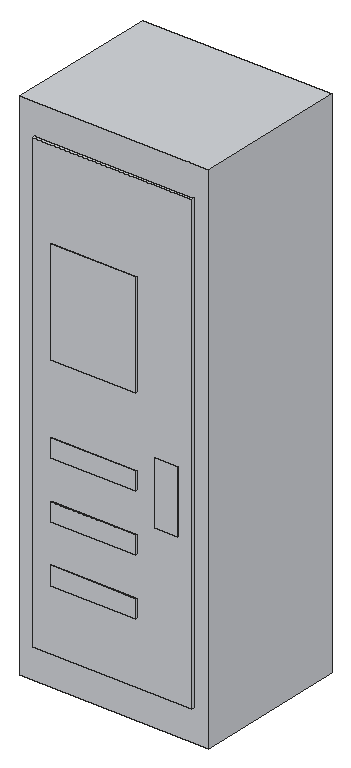
Revit family "GIS_ProtectionPanel", category Equipamento elétrico, Revit 2027
Family settings
  Configuração do painel = Duas colunas, circuitos transversais
  Cota do conector redondo = Utilizar diâmetro
  Tipo de parte = Painel de controle
  Com base no plano de trabalho = Não
  Sempre na vertical = Sim
  Corte com vazios quando carregada = Não
  Manter orientação da anotação = Não
  Compartilhado = Não
  Ponto de cálculo do ambiente = Não
Parameters (values of type "PROTECTION_PANEL_125VDC_STUDY")
  Default Elevation = 0 mm
  built-in parameter 1140142 [instance] = (empty or 0)
  built-in parameter 1140140 [instance] = 1 (stored number, unit not read)
  BIM_TensaoSecundaria_kV = 0
  BIM_TensaoNominal_kV = 0.125
  BIM_TensaoClasse_kV = 0.125
  BIM_TensaoClasseSecundaria_kV = 0
  BIM_TensaoAuxiliarCA_kV = 0.22
  BIM_Sistema_Elemento [instance] = ""
  BIM_ReferenciaCatalogo = "Portfolio study assumption: 125 V DC control supply and separate 220 V AC cabinet-heater supply; both remain unselected"
  BIM_Profundidade = 650 mm
  BIM_Potencia_MVA = 0
  BIM_Localizacao [instance] = ""
  BIM_Largura = 800 mm
  BIM_Impedancia_pu = 0
  BIM_FonteGeometria = "Portfolio study assumption: 125 V DC control supply and separate 220 V AC cabinet-heater supply; both remain unselected"
  BIM_Fabricante = "NAO SELECIONADO"
  BIM_EstadoGeometria = "ESTIMATED"
  BIM_EstadoEspecificacao = "PREMISSA / NAO SELECIONADO"
  BIM_DescricaoEstudo = "Painel funcional com conector de controle 125 Vcc e conector separado para aquecedor auxiliar 220 Vca; relações, cargas reais e arquitetura do painel pendentes."
  BIM_CorrenteReferenciaSecundaria_A = 0
  BIM_CorrenteNominal_A = 0
  BIM_Bay [instance] = ""
  BIM_AlturaCorpoPrincipal = 2200 mm
  BIM_Altura = 2200 mm
  built-in parameter 1155100 [instance] = (empty or 0)
Reference planes
  plane 1 "Centro (Frente/Trás)": y = 0
  plane 2: z = 0
  plane 3 "Centro (Esquerda/Direita)": x = 0
  plane 4 "BIM Left": x = -400
  plane 5 "BIM Right": x = 400
  plane 6 "BIM Front": y = -325
  plane 7 "BIM Back": y = 325
Forms (mm)
  Extrusion 1, solid
    sketch origin (0, 0, 0) x (1, 0, 0) y (0, 1, 0)
      loop
        line (-400, -325) -> (400, -325) -> (400, 325) -> (-400, 325) -> (-400, -325)
    from 0 to 2200 <- "BIM_AlturaCorpoPrincipal"
  Extrusion 2, solid
    sketch origin (0, 0, 132) x (1, 0, 0) y (0, 1, 0)
      loop
        line (-336, -337.192) -> (336, -337.192) -> (336, -325) -> (-336, -325) -> (-336, -337.192)
    from 0 to 1936
  Extrusion 3, solid
    sketch origin (0, 0, 1254) x (1, 0, 0) y (0, 1, 0)
      loop
        line (-256, -343.288) -> (104, -343.288) -> (104, -325) -> (-256, -325) -> (-256, -343.288)
    from 0 to 440
  Extrusion 4, solid
    sketch origin (0, 0, 396) x (1, 0, 0) y (0, 1, 0)
      loop
        line (-256, -341.764) -> (104, -341.764) -> (104, -325) -> (-256, -325) -> (-256, -341.764)
    from 0 to 77
  Extrusion 5, solid
    sketch origin (0, 0, 638) x (1, 0, 0) y (0, 1, 0)
      loop
        line (-256, -341.764) -> (104, -341.764) -> (104, -325) -> (-256, -325) -> (-256, -341.764)
    from 0 to 77
  Extrusion 6, solid
    sketch origin (0, 0, 880) x (1, 0, 0) y (0, 1, 0)
      loop
        line (-256, -341.764) -> (104, -341.764) -> (104, -325) -> (-256, -325) -> (-256, -341.764)
    from 0 to 77
  Extrusion 7, solid
    sketch origin (0, 0, 770) x (1, 0, 0) y (0, 1, 0)
      loop
        line (184, -341.764) -> (280, -341.764) -> (280, -325) -> (184, -325) -> (184, -341.764)
    from 0 to 264
Dimensions and locks
  "BIM_Largura": plane 4 "BIM Left" to plane 5 "BIM Right"
  "BIM_Profundidade": plane 6 "BIM Front" to plane 7 "BIM Back"
  aligned and locked: level to plane 2
  aligned and locked: plane 4 "BIM Left" to Extrusion 1
  aligned and locked: Extrusion 1 to plane 5 "BIM Right"
  aligned and locked: Extrusion 1 to plane 6 "BIM Front"
  aligned and locked: plane 7 "BIM Back" to Extrusion 1
Automatic sketch dimensions
  Extrusion 1 sketch curve to plane 4 "BIM Left" = 0 mm
  Extrusion 1 sketch curve to plane 5 "BIM Right" = 0 mm
  Extrusion 1 sketch curve to plane 6 "BIM Front" = 0 mm
  Extrusion 1 sketch curve to plane 7 "BIM Back" = 0 mm
  Extrusion 2 sketch curve to plane 6 "BIM Front" = 0 mm
  Extrusion 2 sketch curve to plane 6 "BIM Front" = 12.192 mm
  Extrusion 2 sketch curve to plane 4 "BIM Left" = 64 mm
  plane 5 "BIM Right" to Extrusion 2 sketch curve = 64 mm
  Extrusion 3 sketch curve to plane 6 "BIM Front" = 0 mm
  Extrusion 3 sketch curve to plane 6 "BIM Front" = 18.288 mm
  Extrusion 3 sketch curve to plane 4 "BIM Left" = 144 mm
  plane 3 "Centro (Esquerda/Direita)" to Extrusion 3 sketch curve = 104 mm
  Extrusion 4 sketch curve to plane 6 "BIM Front" = 0 mm
  Extrusion 4 sketch curve to plane 6 "BIM Front" = 16.764 mm
  Extrusion 4 sketch curve to plane 4 "BIM Left" = 144 mm
  plane 3 "Centro (Esquerda/Direita)" to Extrusion 4 sketch curve = 104 mm
  Extrusion 5 sketch curve to plane 6 "BIM Front" = 0 mm
  Extrusion 5 sketch curve to plane 6 "BIM Front" = 16.764 mm
  Extrusion 5 sketch curve to plane 4 "BIM Left" = 144 mm
  plane 3 "Centro (Esquerda/Direita)" to Extrusion 5 sketch curve = 104 mm
  Extrusion 6 sketch curve to plane 6 "BIM Front" = 0 mm
  Extrusion 6 sketch curve to plane 6 "BIM Front" = 16.764 mm
  Extrusion 6 sketch curve to plane 4 "BIM Left" = 144 mm
  plane 3 "Centro (Esquerda/Direita)" to Extrusion 6 sketch curve = 104 mm
  Extrusion 7 sketch curve to plane 6 "BIM Front" = 0 mm
  Extrusion 7 sketch curve to plane 6 "BIM Front" = 16.764 mm
  plane 3 "Centro (Esquerda/Direita)" to Extrusion 7 sketch curve = 184 mm
  Extrusion 7 sketch curve to Extrusion 7 sketch curve = 96 mm
Connectors
  electrical at (-400, 0, 1100)
    settings: on Extrusion 1, index 1, voltage 125 V, apparent load 0 VA, apparent load phase1 0 VA, apparent load phase2 0 VA, apparent load phase3 0 VA, power factor 1, load classification "Outro", number of poles 2, system type 13, power factor state 1, is connector primary no, connector utility no, sub classification motor no, connector description "GIS_CONTROL_DC_125V: interface de alimentação de controle 125 Vcc; relação com QCC-01, carga, proteção e circuito Revit não implementados."
  electrical at (400, 0, 1100)
    settings: on Extrusion 1, index 2, voltage 220 V, apparent load 0 VA, apparent load phase1 0 VA, apparent load phase2 0 VA, apparent load phase3 0 VA, power factor 0.9, load classification "Power", number of poles 1, system type 6, power factor state 1, is connector primary yes, connector utility no, sub classification motor no, connector description "GIS_AUX_AC_HEATER_220V: carga separada de aquecedor de gabinete, 220 Vca fase-neutro (hipótese 380Y/220 V); 150 W e FP 0.90 são hipóteses, sem dados reais do fabricante."
